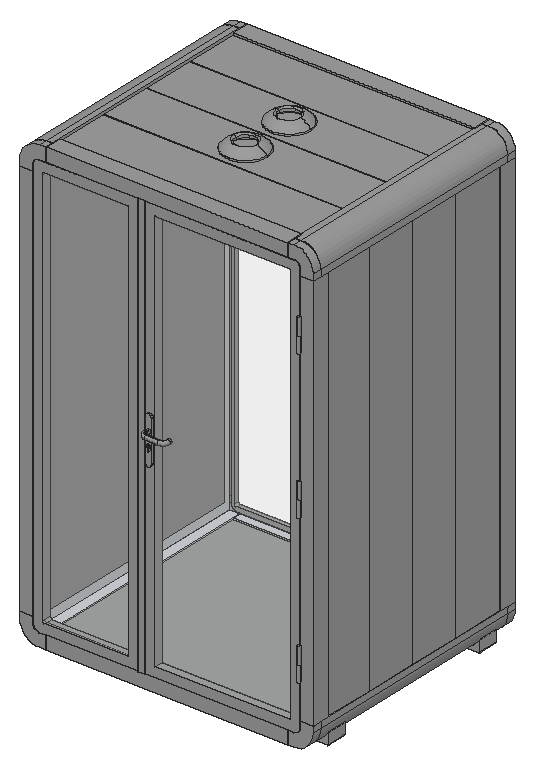
Revit family "Inbox Booths_Medium Booth", category Furniture, Revit 2024 (continued)
Forms (mm)
  Extrusion 139, solid, material "Default" <- "BB_Exterior Shell", not visible
    sketch origin (0, 210, 0) x (1, 0, 0) y (0, 0, 1)
      loop
        arc (-316.493, 10) -> (-369.601, 25.268) -> (-406.493, 66.411) r 100
        line (-406.493, 66.411) -> (-406.493, 4)
    from 0 to 100
  Extrusion 140, solid, material "Default" <- "BB_Exterior Shell", not visible
    sketch origin (0, 1076, 0) x (1, 0, 0) y (0, 0, -1)
      loop
        line (-406.493, -4) -> (-406.493, -66.411)
        arc (-406.493, -66.411) -> (-369.601, -25.268) -> (-316.493, -10) r 100
        line (-316.493, -10) -> (-276.261, -10) -> (-276.261, -4)
        arc (-276.261, -4) -> (-277.432, -1.172) -> (-280.261, 0) r 4
        line (-280.261, 0) -> (-402.493, 0)
        arc (-402.493, 0) -> (-405.321, -1.172) -> (-406.493, -4) r 4
    from 0 to 100
  Extrusion 141, solid, material "Default" <- "BB_Exterior Shell", not visible
    sketch origin (667.015, 210, 0) x (-1, 0, 0) y (0, 0, -1)
      loop
        line (-406.493, -4) -> (-406.493, -66.411)
        arc (-406.493, -66.411) -> (-369.601, -25.268) -> (-316.493, -10) r 100
        line (-316.493, -10) -> (-276.261, -10) -> (-276.261, -4)
        arc (-276.261, -4) -> (-277.432, -1.172) -> (-280.261, 0) r 4
        line (-280.261, 0) -> (-402.493, 0)
        arc (-402.493, 0) -> (-405.321, -1.172) -> (-406.493, -4) r 4
    from 0 to 100
  Extrusion 142, solid, material "Default" <- "BB_Exterior Shell", not visible
    sketch origin (667.015, 1076, 0) x (-1, 0, 0) y (0, 0, 1)
      loop
        arc (-406.493, 4) -> (-405.321, 1.172) -> (-402.493, 0) r 4
        line (-402.493, 0) -> (-280.261, 0)
        arc (-280.261, 0) -> (-277.432, 1.172) -> (-276.261, 4) r 4
        line (-276.261, 4) -> (-276.261, 10) -> (-316.493, 10)
        arc (-316.493, 10) -> (-369.601, 25.268) -> (-406.493, 66.411) r 100
        line (-406.493, 66.411) -> (-406.493, 4)
    from 0 to 100
  Sweep 143, solid, material "Default" <- "BB_Exterior Shell", not visible
    path origin (0, 1286, 2300) x (1, 0, 0) y (0, 1, 0)
      loop
        circle (333.507, -781.25) r 40
    profile origin (333.507, 464.75, 2300) x (0, -1, 0) y (0, 0, 1)
      loop
        line (12.021, 33.075) -> (12.021, 23.075) -> (23.977, 23.075)
        arc (23.977, 23.075) -> (35.682, 13.952) -> (40.742, 0) r 26.812
        line (40.742, 0) -> (69.964, 0)
        arc (69.964, 0) -> (69.811, 2.144) -> (68.91, 4.096) r 5.985
        arc (68.91, 4.096) -> (47.395, 26.052) -> (20, 40) r 95.122
        line (20, 40) -> (12.021, 33.075)
  Sweep 144, solid, material "Default" <- "BB_Exterior Shell", not visible
    path origin (0, 0, 2300) x (1, 0, 0) y (0, 1, 0)
      loop
        circle (333.507, 781.25) r 40
    profile origin (333.507, 821.25, 2300) x (0, -1, 0) y (0, 0, 1)
      loop
        line (-12.021, 33.075) -> (-20, 40)
        arc (-20, 40) -> (-47.395, 26.052) -> (-68.91, 4.096) r 95.122
        arc (-68.91, 4.096) -> (-69.811, 2.144) -> (-69.964, 0) r 5.985
        line (-69.964, 0) -> (-40.742, 0)
        arc (-40.742, 0) -> (-35.682, 13.952) -> (-23.977, 23.075) r 26.812
        line (-23.977, 23.075) -> (-12.021, 23.075) -> (-12.021, 33.075)
  Extrusion 145, solid, material "Default" <- "BB_Glass Edge (non-editable finish)", not visible
    sketch origin (252, -709.952, 0) x (1, 0, 0) y (0, 0, 1)
      loop
        line (-29.493, 2243) -> (-29.493, 77) -> (732.507, 77)
        arc (732.507, 77) -> (755.135, 86.373) -> (764.507, 109) r 32
        line (764.507, 109) -> (764.507, 2211)
        arc (764.507, 2211) -> (755.135, 2233.627) -> (732.507, 2243) r 32
        line (732.507, 2243) -> (-29.493, 2243)
      loop
        line (714.507, 2193) -> (20.507, 2193) -> (20.507, 127) -> (714.507, 127) -> (714.507, 2193)
    from -754.952 to -709.952
  Extrusion 146, solid, material "Glass" <- "BB_Glass", not visible
    sketch origin (-454.358, -1616.475, -375.577) x (1, 0, 0) y (0, 0, 1)
      loop
        line (726.866, 2568.577) -> (726.866, 502.577) -> (1420.866, 502.577) -> (1420.866, 2568.577) -> (726.866, 2568.577)
    from -1661.475 to -1616.475
  Extrusion 147, solid, material "Default" <- "BB_Hardware (non-editable finish)", not visible
    sketch origin (313.25, 0, 0) x (1, 0, 0) y (0, 0, 1)
      loop
        arc (-80.493, 1055) -> (-65.493, 1040) -> (-50.493, 1055) r 15
        line (-50.493, 1055) -> (-50.493, 1265)
        arc (-50.493, 1265) -> (-65.493, 1280) -> (-80.493, 1265) r 15
        line (-80.493, 1265) -> (-80.493, 1055)
    from 0 to 9
  Extrusion 148, solid, material "Default" <- "BB_Hardware (non-editable finish)", not visible
    sketch origin (313.25, 0, 0) x (1, 0, 0) y (0, 0, 1)
      loop
        arc (-60.993, 1126.252) -> (-65.493, 1141.963) -> (-69.993, 1126.252) r 8.5
        line (-69.993, 1126.252) -> (-69.993, 1113.463)
        arc (-69.993, 1113.463) -> (-65.493, 1108.963) -> (-60.993, 1113.463) r 4.5
        line (-60.993, 1113.463) -> (-60.993, 1126.252)
      loop
        circle (-65.493, 1133.463) r 6.846
    from 9 to 9.871
  Extrusion 149, solid, material "Default" <- "BB_Hardware (non-editable finish)", not visible
    sketch origin (313.25, 0, 0) x (1, 0, 0) y (0, 0, 1)
      loop
        line (-58.72, 1132.462) -> (-65.493, 1132.462) -> (-65.493, 1134.409) -> (-58.713, 1134.409)
        arc (-58.713, 1134.409) -> (-72.338, 1133.49) -> (-58.72, 1132.462) r 6.846
    from 9 to 9.607
  Sweep 150, solid, material "Default" <- "BB_Hardware (non-editable finish)", not visible
    path origin (304, 0, 1191.013) x (1, 0, 0) y (0, 1, 0)
      loop
        line (-65.493, -9.009) -> (-65.493, -29)
        arc (-65.493, -29) -> (-55.534, -53.042) -> (-31.493, -63) r 34
        line (-31.493, -63) -> (35.007, -63)
        arc (35.007, -63) -> (59.372, -53.221) -> (69.507, -29.004) r 34
        line (69.507, -29.004) -> (69.507, -19)
    profile origin (238.507, -19.005, 1191.013) x (1, 0, 0) y (0, 0, 1)
      loop
        arc (14.657, 18.263) -> (14.416, 18.644) -> (14.007, 18.834) r 0.8
        arc (14.007, 18.834) -> (11.685, 19.007) -> (9.363, 18.833) r 15.626
        arc (9.363, 18.833) -> (0, 9.47) -> (9.363, 0.107) r 9.363
        arc (9.363, 0.107) -> (11.662, -0.019) -> (13.962, 0.101) r 21.574
        arc (13.962, 0.101) -> (14.393, 0.284) -> (14.647, 0.677) r 0.8
        arc (14.647, 0.677) -> (15.884, 9.469) -> (14.657, 18.263) r 31.996
  Extrusion 151, solid, material "Default" <- "BB_Hardware (non-editable finish)", not visible
    sketch origin (-2388.075, 0, 26.184) x (1, 0, 0) y (0, 1, 0)
      loop
        circle (3404.582, -7.96) r 8
    from 299.201 to 380.816
  Extrusion 152, solid, material "Default" <- "BB_Hardware (non-editable finish)", not visible
    sketch origin (-2388.075, 0, 107.816) x (0, -1, 0) y (1, 0, 0)
      loop
        circle (7.96, 3404.582) r 8
    from 299.201 to 380.816
  Extrusion 153, solid, material "Default" <- "BB_Hardware (non-editable finish)", not visible
    sketch origin (-2388.075, 0, 779.184) x (1, 0, 0) y (0, 1, 0)
      loop
        circle (3404.582, -7.96) r 8
    from 299.201 to 380.816
  Extrusion 154, solid, material "Default" <- "BB_Hardware (non-editable finish)", not visible
    sketch origin (-2388.075, 0, 860.816) x (0, -1, 0) y (1, 0, 0)
      loop
        circle (7.96, 3404.582) r 8
    from 299.201 to 380.816
  Extrusion 155, solid, material "Default" <- "BB_Hardware (non-editable finish)", not visible
    sketch origin (-2388.075, 0, 1532.184) x (1, 0, 0) y (0, 1, 0)
      loop
        circle (3404.582, -7.96) r 8
    from 299.201 to 380.816
  Extrusion 156, solid, material "Default" <- "BB_Hardware (non-editable finish)", not visible
    sketch origin (-2388.075, 0, 1613.816) x (0, -1, 0) y (1, 0, 0)
      loop
        circle (7.96, 3404.582) r 8
    from 299.201 to 380.816
  Extrusion 157, solid, material "Default" <- "BB_Exterior Shell", not visible
    sketch origin (0, 0, 0) x (1, 0, 0) y (0, 0, 1)
      loop
        line (-286.493, 2243) -> (953.507, 2243) -> (953.507, 2310) -> (-286.493, 2310) -> (-286.493, 2243)
    from -90 to 0
  Extrusion 158, solid, material "Default" <- "BB_Exterior Shell", not visible
    sketch origin (0, 986, 0) x (1, 0, 0) y (0, 0, -1)
      loop
        line (-286.493, -2243) -> (-286.493, -2310) -> (953.507, -2310) -> (953.507, -2243) -> (-286.493, -2243)
    from 300 to 210
  Extrusion 159, solid, material "Default" <- "BB_Exterior Shell", not visible
    sketch origin (0, 0, 2320) x (1, 0, 0) y (0, 0, 1)
      loop
        line (-286.493, -2243) -> (-286.493, -2310) -> (953.507, -2310) -> (953.507, -2243) -> (-286.493, -2243)
    from -90 to 0
  Extrusion 160, solid, material "Default" <- "BB_Exterior Shell", not visible
    sketch origin (108.507, 0, 0) x (0, 1, 0) y (0, 0, 1)
      loop
        line (1286, 140) -> (1286, 2180) -> (1196, 2180) -> (1196, 140) -> (1286, 140)
      loop
        line (0, 2180) -> (0, 140) -> (90, 140) -> (90, 2180) -> (0, 2180)
    from -458 to -525
  Extrusion 161, solid, not visible
    sketch origin (98.507, -46.5, 0) x (0, 1, 0) y (0, 0, 1)
      loop
        line (91.5, 2233) -> (91.5, 87) -> (1287.5, 87) -> (1287.5, 2233) -> (91.5, 2233)
    from -448 to -438
  Extrusion 162, solid, not visible
    sketch origin (0, 0, 0) x (1, 0, 0) y (0, 0, 1)
      loop
        line (-349.493, 77) -> (-286.493, 77) -> (-286.493, 87) -> (-349.493, 87) -> (-349.493, 77)
      loop
        line (953.507, 77) -> (1016.507, 77) -> (1016.507, 87) -> (953.507, 87) -> (953.507, 77)
      loop
        line (-349.493, 2243) -> (-349.493, 2233) -> (-286.493, 2233) -> (-286.493, 2243) -> (-349.493, 2243)
      loop
        line (1016.507, 2243) -> (953.507, 2243) -> (953.507, 2233) -> (1016.507, 2233) -> (1016.507, 2243)
    from -1241 to -45
  Extrusion 163, solid, not visible
    sketch origin (0, 0, 0) x (1, 0, 0) y (0, 1, 0)
      loop
        line (953.507, 1196) -> (953.507, 1241) -> (-286.493, 1241) -> (-286.493, 1196) -> (953.507, 1196)
      loop
        line (-286.493, 45) -> (953.507, 45) -> (953.507, 90) -> (-286.493, 90) -> (-286.493, 45)
    from 87 to 77
  Extrusion 164, solid, not visible
    sketch origin (0, 0, 2156) x (1, 0, 0) y (0, 1, 0)
      loop
        line (953.507, 1196) -> (953.507, 1261) -> (-286.493, 1261) -> (-286.493, 1196) -> (953.507, 1196)
      loop
        line (-286.493, 45) -> (953.507, 45) -> (953.507, 108) -> (-286.493, 108) -> (-286.493, 45)
    from 87 to 77
  Extrusion 165, solid, material "Default" <- "BB_Exterior Shell", not visible
    sketch origin (0, 896, 2320) x (1, 0, 0) y (0, 0, -1)
      loop
        line (-286.493, 2243) -> (953.507, 2243) -> (953.507, 2310) -> (-286.493, 2310) -> (-286.493, 2243)
    from 390 to 300
  Extrusion 166, solid, material "Default" <- "BB_Exterior Shell", not visible
    sketch origin (0, 90, 2320) x (1, 0, 0) y (0, 0, 1)
      loop
        line (-286.493, -2243) -> (-286.493, -2310) -> (953.507, -2310) -> (953.507, -2243) -> (-286.493, -2243)
    from -276.5 to 0
  Extrusion 167, solid, material "Default" <- "BB_Floor Carpet", not visible
    sketch origin (0, 0, 0) x (1, 0, 0) y (0, 1, 0)
      loop
        line (953.507, 1196) -> (-286.493, 1196) -> (-286.493, 90) -> (953.507, 90) -> (953.507, 1196)
    from 77 to 82.752
  Extrusion 168, solid, material "Default" <- "BB_Pet Panel", not visible
    sketch origin (0, 0, 2160.248) x (0, -1, 0) y (1, 0, 0)
      loop
        line (-1196, 953.507) -> (-1196, -286.493) -> (-108, -286.493) -> (-108, 953.507) -> (-1196, 953.507)
    from 77 to 82.752
  Extrusion 169, solid, material "Default" <- "BB_Exterior Shell", not visible
    sketch origin (0, 343.5, 4543) x (1, 0, 0) y (0, 0, -1)
      loop
        line (-286.493, 2243) -> (953.507, 2243) -> (953.507, 2300) -> (-286.493, 2300) -> (-286.493, 2243)
    from -253.5 to 23
  Extrusion 170, solid, material "Default" <- "BB_Glass Edge (non-editable finish)", not visible
    sketch origin (0, -1616.475, 0) x (1, 0, 0) y (0, 0, 1)
      loop
        arc (-317.493, 2243) -> (-340.12, 2233.627) -> (-349.493, 2211) r 32
        line (-349.493, 2211) -> (-349.493, 109)
        arc (-349.493, 109) -> (-340.12, 86.373) -> (-317.493, 77) r 32
        line (-317.493, 77) -> (188.507, 77) -> (188.507, 2243) -> (-317.493, 2243)
      loop
        line (138.507, 127) -> (138.507, 2193) -> (-286.493, 2193)
        arc (-286.493, 2193) -> (-296.023, 2189.531) -> (-299.493, 2180) r 12
        line (-299.493, 2180) -> (-299.493, 139)
        arc (-299.493, 139) -> (-295.978, 130.515) -> (-287.493, 127) r 12
        line (-287.493, 127) -> (138.507, 127)
    from -1661.475 to -1616.475
  Extrusion 171, solid, material "Default" <- "BB_Exterior Shell", not visible
    sketch origin (-375, 90, 2320) x (1, 0, 0) y (0, 0, 1)
      loop
        arc (-41.493, -2210) -> (-12.203, -2280.711) -> (58.507, -2310) r 100
        line (58.507, -2310) -> (88.507, -2310) -> (88.507, -2243) -> (57.507, -2243)
        arc (57.507, -2243) -> (34.88, -2233.627) -> (25.507, -2211) r 32
        line (25.507, -2211) -> (25.507, -2180) -> (-41.493, -2180) -> (-41.493, -2210)
    from 45 to 90
  Extrusion 172, solid, material "Default" <- "BB_Exterior Shell", not visible
    sketch origin (-375, 1631, 2320) x (1, 0, 0) y (0, 0, 1)
      loop
        arc (-41.493, -2210) -> (-12.203, -2280.711) -> (58.507, -2310) r 100
        line (58.507, -2310) -> (88.507, -2310) -> (88.507, -2243) -> (57.507, -2243)
        arc (57.507, -2243) -> (34.88, -2233.627) -> (25.507, -2211) r 32
        line (25.507, -2211) -> (25.507, -2180) -> (-41.493, -2180) -> (-41.493, -2210)
    from 345 to 390
  Extrusion 173, solid, material "Default" <- "BB_Exterior Shell", not visible
    sketch origin (-375, 1631, 0) x (1, 0, 0) y (0, 0, 1)
      loop
        line (-41.493, 2210) -> (-41.493, 2180) -> (25.507, 2180) -> (25.507, 2211)
        arc (25.507, 2211) -> (34.88, 2233.627) -> (57.507, 2243) r 32
        line (57.507, 2243) -> (88.507, 2243) -> (88.507, 2310) -> (58.507, 2310)
        arc (58.507, 2310) -> (-12.203, 2280.711) -> (-41.493, 2210) r 100
    from 345 to 390
  Extrusion 174, solid, material "Default" <- "BB_Exterior Shell", not visible
    sketch origin (-375, 1451, 2320) x (1, 0, 0) y (0, 0, -1)
      loop
        line (-41.493, 2210) -> (-41.493, 2180) -> (25.507, 2180) -> (25.507, 2211)
        arc (25.507, 2211) -> (34.88, 2233.627) -> (57.507, 2243) r 32
        line (57.507, 2243) -> (88.507, 2243) -> (88.507, 2310) -> (58.507, 2310)
        arc (58.507, 2310) -> (-12.203, 2280.711) -> (-41.493, 2210) r 100
    from -1406 to -210
  Extrusion 175, solid, material "Default" <- "BB_Exterior Shell", not visible
    sketch origin (-501.493, 1281, 0) x (0, -1, 0) y (0, 0, -1)
      loop
        line (85, -2180) -> (361.5, -2180) -> (361.5, -140) -> (85, -140) -> (85, -2180)
    from 92 to 152
  Extrusion 176, solid, material "Default" <- "BB_Exterior Shell", not visible
    sketch origin (0, 793, 2320) x (1, 0, 0) y (0, 0, -1)
      loop
        line (-286.493, 2243) -> (953.507, 2243) -> (953.507, 2310) -> (-286.493, 2310) -> (-286.493, 2243)
    from -426.5 to -150
  Extrusion 177, solid, material "Default" <- "BB_Exterior Shell", not visible
    sketch origin (558.507, 0, 0) x (0, 1, 0) y (0, 0, -1)
      loop
        line (1286, -140) -> (1196, -140) -> (1196, -2180) -> (1286, -2180) -> (1286, -140)
      loop
        line (0, -2180) -> (90, -2180) -> (90, -140) -> (0, -140) -> (0, -2180)
    from -458 to -525
  Extrusion 178, solid, material "Default" <- "BB_Exterior Shell", not visible
    sketch origin (1042.015, 90, 2320) x (-1, 0, 0) y (0, 0, -1)
      loop
        line (-41.493, 2210) -> (-41.493, 2180) -> (25.507, 2180) -> (25.507, 2211)
        arc (25.507, 2211) -> (34.88, 2233.627) -> (57.507, 2243) r 32
        line (57.507, 2243) -> (88.507, 2243) -> (88.507, 2310) -> (58.507, 2310)
        arc (58.507, 2310) -> (-12.203, 2280.711) -> (-41.493, 2210) r 100
    from 45 to 90
  Extrusion 179, solid, material "Default" <- "BB_Exterior Shell", not visible
    sketch origin (1042.015, 1631, 2320) x (-1, 0, 0) y (0, 0, -1)
      loop
        line (-41.493, 2210) -> (-41.493, 2180) -> (25.507, 2180) -> (25.507, 2211)
        arc (25.507, 2211) -> (34.88, 2233.627) -> (57.507, 2243) r 32
        line (57.507, 2243) -> (88.507, 2243) -> (88.507, 2310) -> (58.507, 2310)
        arc (58.507, 2310) -> (-12.203, 2280.711) -> (-41.493, 2210) r 100
    from 345 to 390
  Extrusion 180, solid, material "Default" <- "BB_Exterior Shell", not visible
    sketch origin (1042.015, 1631, 0) x (-1, 0, 0) y (0, 0, -1)
      loop
        arc (-41.493, -2210) -> (-12.203, -2280.711) -> (58.507, -2310) r 100
        line (58.507, -2310) -> (88.507, -2310) -> (88.507, -2243) -> (57.507, -2243)
        arc (57.507, -2243) -> (34.88, -2233.627) -> (25.507, -2211) r 32
        line (25.507, -2211) -> (25.507, -2180) -> (-41.493, -2180) -> (-41.493, -2210)
    from 345 to 390
  Extrusion 181, solid, material "Default" <- "BB_Exterior Shell", not visible
    sketch origin (1042.015, 1451, 0) x (-1, 0, 0) y (0, 0, 1)
      loop
        line (-41.493, 2210) -> (-41.493, 2180) -> (25.507, 2180) -> (25.507, 2211)
        arc (25.507, 2211) -> (34.88, 2233.627) -> (57.507, 2243) r 32
        line (57.507, 2243) -> (88.507, 2243) -> (88.507, 2310) -> (58.507, 2310)
        arc (58.507, 2310) -> (-12.203, 2280.711) -> (-41.493, 2210) r 100
    from -1406 to -210
  Extrusion 182, solid, material "Default" <- "BB_Exterior Shell", not visible
    sketch origin (1042.015, 1451, 2320) x (-1, 0, 0) y (0, 0, 1)
      loop
        arc (-41.493, -2210) -> (-12.203, -2280.711) -> (58.507, -2310) r 100
        line (58.507, -2310) -> (88.507, -2310) -> (88.507, -2243) -> (57.507, -2243)
        arc (57.507, -2243) -> (34.88, -2233.627) -> (25.507, -2211) r 32
        line (25.507, -2211) -> (25.507, -2180) -> (-41.493, -2180) -> (-41.493, -2210)
    from -1406 to -210
  Extrusion 183, solid, not visible
    sketch origin (568.507, -46.5, 0) x (0, 1, 0) y (0, 0, -1)
      loop
        line (91.5, -2233) -> (1287.5, -2233) -> (1287.5, -87) -> (91.5, -87) -> (91.5, -2233)
    from -448 to -438
  Extrusion 184, solid, material "Default" <- "BB_Exterior Shell", not visible
    sketch origin (-375, 1451, 0) x (1, 0, 0) y (0, 0, -1)
      loop
        arc (-41.493, -2210) -> (-12.203, -2280.711) -> (58.507, -2310) r 100
        line (58.507, -2310) -> (88.507, -2310) -> (88.507, -2243) -> (57.507, -2243)
        arc (57.507, -2243) -> (34.88, -2233.627) -> (25.507, -2211) r 32
        line (25.507, -2211) -> (25.507, -2180) -> (-41.493, -2180) -> (-41.493, -2210)
    from -1406 to -210
  Extrusion 185, solid, material "Default" <- "BB_Exterior Shell", not visible
    sketch origin (-375, -345, 0) x (1, 0, 0) y (0, 0, -1)
      loop
        arc (-41.493, -2210) -> (-12.203, -2280.711) -> (58.507, -2310) r 100
        line (58.507, -2310) -> (88.507, -2310) -> (88.507, -2243) -> (57.507, -2243)
        arc (57.507, -2243) -> (34.88, -2233.627) -> (25.507, -2211) r 32
        line (25.507, -2211) -> (25.507, -2180) -> (-41.493, -2180) -> (-41.493, -2210)
    from 345 to 390
  Extrusion 186, solid, material "Default" <- "BB_Exterior Shell", not visible
    sketch origin (1042.015, -345, 0) x (-1, 0, 0) y (0, 0, 1)
      loop
        line (-41.493, 2210) -> (-41.493, 2180) -> (25.507, 2180) -> (25.507, 2211)
        arc (25.507, 2211) -> (34.88, 2233.627) -> (57.507, 2243) r 32
        line (57.507, 2243) -> (88.507, 2243) -> (88.507, 2310) -> (58.507, 2310)
        arc (58.507, 2310) -> (-12.203, 2280.711) -> (-41.493, 2210) r 100
    from 345 to 390
  Extrusion 187, solid, material "Default" <- "BB_Exterior Shell", not visible
    sketch origin (-501.493, 558, 0) x (0, 1, 0) y (0, 0, 1)
      loop
        line (85, 2180) -> (85, 140) -> (361.5, 140) -> (361.5, 2180) -> (85, 2180)
    from 92 to 152
  Extrusion 188, solid, material "Default" <- "BB_Exterior Shell", not visible
    sketch origin (-501.493, 728, 0) x (0, -1, 0) y (0, 0, -1)
      loop
        line (85, -2180) -> (361.5, -2180) -> (361.5, -140) -> (85, -140) -> (85, -2180)
    from 92 to 152
  Extrusion 189, solid, material "Default" <- "BB_Exterior Shell", not visible
    sketch origin (-501.493, 5, 0) x (0, 1, 0) y (0, 0, 1)
      loop
        line (85, 2180) -> (85, 140) -> (361.5, 140) -> (361.5, 2180) -> (85, 2180)
    from 92 to 152
  Extrusion 190, solid, material "Default" <- "BB_Exterior Shell", not visible
    sketch origin (0, 389.5, 4543) x (1, 0, 0) y (0, 0, 1)
      loop
        line (-286.493, -2243) -> (-286.493, -2300) -> (953.507, -2300) -> (953.507, -2243) -> (-286.493, -2243)
    from -253.5 to 23
  Extrusion 191, solid, material "Default" <- "BB_Exterior Shell", not visible
    sketch origin (0, 896.5, 4543) x (1, 0, 0) y (0, 0, -1)
      loop
        line (-286.493, 2243) -> (953.507, 2243) -> (953.507, 2300) -> (-286.493, 2300) -> (-286.493, 2243)
    from -253.5 to 23
  Extrusion 192, solid, material "Default" <- "BB_Exterior Shell", not visible
    sketch origin (0, 942.5, 4543) x (1, 0, 0) y (0, 0, 1)
      loop
        line (-286.493, -2243) -> (-286.493, -2300) -> (953.507, -2300) -> (953.507, -2243) -> (-286.493, -2243)
    from -253.5 to 23
  Extrusion 193, solid, material "Default" <- "BB_Exterior Shell", not visible
    sketch origin (1168.507, 1281, 0) x (0, -1, 0) y (0, 0, 1)
      loop
        line (85, 2180) -> (85, 140) -> (361.5, 140) -> (361.5, 2180) -> (85, 2180)
    from 92 to 152
  Extrusion 194, solid, material "Default" <- "BB_Exterior Shell", not visible
    sketch origin (1168.507, 558, 0) x (0, 1, 0) y (0, 0, -1)
      loop
        line (85, -2180) -> (361.5, -2180) -> (361.5, -140) -> (85, -140) -> (85, -2180)
    from 92 to 152
  Extrusion 195, solid, material "Default" <- "BB_Exterior Shell", not visible
    sketch origin (1168.507, 728, 0) x (0, -1, 0) y (0, 0, 1)
      loop
        line (85, 2180) -> (85, 140) -> (361.5, 140) -> (361.5, 2180) -> (85, 2180)
    from 92 to 152
  Extrusion 196, solid, material "Default" <- "BB_Exterior Shell", not visible
    sketch origin (1168.507, 5, 0) x (0, 1, 0) y (0, 0, -1)
      loop
        line (85, -2180) -> (361.5, -2180) -> (361.5, -140) -> (85, -140) -> (85, -2180)
    from 92 to 152
  Extrusion 197, solid, material "Glass" <- "BB_Glass", not visible
    sketch origin (0, 0, 0) x (1, 0, 0) y (0, 0, 1)
      loop
        line (138.507, 127) -> (138.507, 2193) -> (-286.493, 2193)
        arc (-286.493, 2193) -> (-296.023, 2189.531) -> (-299.493, 2180) r 12
        line (-299.493, 2180) -> (-299.493, 139)
        arc (-299.493, 139) -> (-295.978, 130.515) -> (-287.493, 127) r 12
        line (-287.493, 127) -> (138.507, 127)
    from -11 to 0
  Extrusion 198, solid, material "Default" <- "BB_Exterior Shell", not visible
    sketch origin (0, 493, 2320) x (1, 0, 0) y (0, 0, 1)
      loop
        line (-286.493, -2243) -> (-286.493, -2310) -> (953.507, -2310) -> (953.507, -2243) -> (-286.493, -2243)
    from -426.5 to -150
  Extrusion 199, solid, material "Default" <- "BB_Exterior Shell", not visible
    sketch origin (0, 1346, 2320) x (1, 0, 0) y (0, 0, -1)
      loop
        line (-286.493, 2243) -> (953.507, 2243) -> (953.507, 2310) -> (-286.493, 2310) -> (-286.493, 2243)
    from -426.5 to -150
  Extrusion 200, solid, material "Default" <- "BB_Exterior Shell", not visible
    sketch origin (528.507, 0, 0) x (0, 1, 0) y (0, 0, 1)
      loop
        line (0, 2243) -> (0, 77) -> (45, 77) -> (45, 2243) -> (0, 2243)
    from -306 to -340
  Extrusion 201, solid, material "Default" <- "BB_Glass Edge (non-editable finish)", not visible
    sketch origin (0, -341.475, 0) x (1, 0, 0) y (0, 0, 1)
      loop
        arc (-317.493, 2243) -> (-340.12, 2233.627) -> (-349.493, 2211) r 32
        line (-349.493, 2211) -> (-349.493, 109)
        arc (-349.493, 109) -> (-340.12, 86.373) -> (-317.493, 77) r 32
        line (-317.493, 77) -> (984.507, 77)
        arc (984.507, 77) -> (1007.135, 86.373) -> (1016.507, 109) r 32
        line (1016.507, 109) -> (1016.507, 2211)
        arc (1016.507, 2211) -> (1007.135, 2233.627) -> (984.507, 2243) r 32
        line (984.507, 2243) -> (-317.493, 2243)
      loop
        arc (996.507, 2211) -> (992.993, 2219.485) -> (984.507, 2223) r 12
        line (984.507, 2223) -> (-317.493, 2223)
        arc (-317.493, 2223) -> (-325.978, 2219.485) -> (-329.493, 2211) r 12
        line (-329.493, 2211) -> (-329.493, 109)
        arc (-329.493, 109) -> (-325.978, 100.515) -> (-317.493, 97) r 12
        line (-317.493, 97) -> (984.507, 97)
        arc (984.507, 97) -> (992.993, 100.515) -> (996.507, 109) r 12
        line (996.507, 109) -> (996.507, 2211)
    from -1627.475 to -1602.475
  Extrusion 202, solid, material "Glass" <- "BB_Glass", not visible
    sketch origin (0, 1275, 0) x (1, 0, 0) y (0, 0, 1)
      loop
        line (984.507, 2223) -> (333.507, 2223) -> (333.507, 97) -> (984.507, 97)
        arc (984.507, 97) -> (992.993, 100.515) -> (996.507, 109) r 12
        line (996.507, 109) -> (996.507, 2211)
        arc (996.507, 2211) -> (992.993, 2219.485) -> (984.507, 2223) r 12
    from -11 to 14
  Extrusion 203, solid, material "Glass" <- "BB_Glass", not visible
    sketch origin (667.015, 1275, 0) x (-1, 0, 0) y (0, 0, -1)
      loop
        arc (984.507, -2223) -> (992.993, -2219.485) -> (996.507, -2211) r 12
        line (996.507, -2211) -> (996.507, -109)
        arc (996.507, -109) -> (992.993, -100.515) -> (984.507, -97) r 12
        line (984.507, -97) -> (333.507, -97) -> (333.507, -2223) -> (984.507, -2223)
    from -11 to 14
  Extrusion 204, solid, material "Default" <- "BB_Pet Panel", not visible
    sketch origin (806.507, 1033.5, 51.289) x (0, -1, 0) y (0, 0, 1)
      loop
        line (-162.5, 2128.711) -> (-162.5, 88.711) -> (943.5, 88.711) -> (943.5, 2128.711) -> (-162.5, 2128.711)
    from -200 to -190
  Extrusion 205, solid, material "Default" <- "BB_Pet Panel", not visible
    sketch origin (-139.493, 1033.5, 51.289) x (0, -1, 0) y (0, 0, -1)
      loop
        line (-162.5, -2128.711) -> (943.5, -2128.711) -> (943.5, -88.711) -> (-162.5, -88.711) -> (-162.5, -2128.711)
    from -200 to -190
  Extrusion 206, solid, material "Default" <- "BB_Exterior Shell", not visible
    sketch origin (0, 210, 0) x (1, 0, 0) y (0, 0, 1)
      loop
        arc (-406.493, 4) -> (-405.321, 1.172) -> (-402.493, 0) r 4
        line (-402.493, 0) -> (-280.261, 0)
        arc (-280.261, 0) -> (-277.432, 1.172) -> (-276.261, 4) r 4
        line (-276.261, 4) -> (-276.261, 10) -> (-316.493, 10)
        arc (-316.493, 10) -> (-369.601, 25.268) -> (-406.493, 66.411) r 100
        line (-406.493, 66.411) -> (-406.493, 4)
    from 0 to 100
  Extrusion 207, solid, material "Default" <- "BB_Exterior Shell", not visible
    sketch origin (0, 1076, 0) x (1, 0, 0) y (0, 0, -1)
      loop
        line (-406.493, -4) -> (-406.493, -66.411)
        arc (-406.493, -66.411) -> (-369.601, -25.268) -> (-316.493, -10) r 100
        line (-316.493, -10) -> (-276.261, -10) -> (-276.261, -4)
        arc (-276.261, -4) -> (-277.432, -1.172) -> (-280.261, 0) r 4
        line (-280.261, 0) -> (-402.493, 0)
        arc (-402.493, 0) -> (-405.321, -1.172) -> (-406.493, -4) r 4
    from 0 to 100
  Extrusion 208, solid, material "Default" <- "BB_Exterior Shell", not visible
    sketch origin (667.015, 210, 0) x (-1, 0, 0) y (0, 0, -1)
      loop
        line (-406.493, -4) -> (-406.493, -66.411)
        arc (-406.493, -66.411) -> (-369.601, -25.268) -> (-316.493, -10) r 100
        line (-316.493, -10) -> (-276.261, -10) -> (-276.261, -4)
        arc (-276.261, -4) -> (-277.432, -1.172) -> (-280.261, 0) r 4
        line (-280.261, 0) -> (-402.493, 0)
        arc (-402.493, 0) -> (-405.321, -1.172) -> (-406.493, -4) r 4
    from 0 to 100
  Extrusion 209, solid, material "Default" <- "BB_Exterior Shell", not visible
    sketch origin (667.015, 1076, 0) x (-1, 0, 0) y (0, 0, 1)
      loop
        arc (-406.493, 4) -> (-405.321, 1.172) -> (-402.493, 0) r 4
        line (-402.493, 0) -> (-280.261, 0)
        arc (-280.261, 0) -> (-277.432, 1.172) -> (-276.261, 4) r 4
        line (-276.261, 4) -> (-276.261, 10) -> (-316.493, 10)
        arc (-316.493, 10) -> (-369.601, 25.268) -> (-406.493, 66.411) r 100
        line (-406.493, 66.411) -> (-406.493, 4)
    from 0 to 100
  Sweep 210, solid, material "Default" <- "BB_Exterior Shell", not visible
    path origin (0, 1286, 2300) x (1, 0, 0) y (0, 1, 0)
      loop
        circle (333.507, -781.25) r 40
    profile origin (333.507, 464.75, 2300) x (0, -1, 0) y (0, 0, 1)
      loop
        line (12.021, 33.075) -> (12.021, 23.075) -> (23.977, 23.075)
        arc (23.977, 23.075) -> (35.682, 13.952) -> (40.742, 0) r 26.812
        line (40.742, 0) -> (69.964, 0)
        arc (69.964, 0) -> (69.811, 2.144) -> (68.91, 4.096) r 5.985
        arc (68.91, 4.096) -> (47.395, 26.052) -> (20, 40) r 95.122
        line (20, 40) -> (12.021, 33.075)
  Sweep 211, solid, material "Default" <- "BB_Exterior Shell", not visible
    path origin (0, 0, 2300) x (1, 0, 0) y (0, 1, 0)
      loop
        circle (333.507, 781.25) r 40
    profile origin (333.507, 821.25, 2300) x (0, -1, 0) y (0, 0, 1)
      loop
        line (-12.021, 33.075) -> (-20, 40)
        arc (-20, 40) -> (-47.395, 26.052) -> (-68.91, 4.096) r 95.122
        arc (-68.91, 4.096) -> (-69.811, 2.144) -> (-69.964, 0) r 5.985
        line (-69.964, 0) -> (-40.742, 0)
        arc (-40.742, 0) -> (-35.682, 13.952) -> (-23.977, 23.075) r 26.812
        line (-23.977, 23.075) -> (-12.021, 23.075) -> (-12.021, 33.075)
  Extrusion 212, solid, material "Default" <- "BB_Glass Edge (non-editable finish)", not visible
    sketch origin (252, -709.952, 0) x (1, 0, 0) y (0, 0, 1)
      loop
        line (-29.493, 2243) -> (-29.493, 77) -> (732.507, 77)
        arc (732.507, 77) -> (755.135, 86.373) -> (764.507, 109) r 32
        line (764.507, 109) -> (764.507, 2211)
        arc (764.507, 2211) -> (755.135, 2233.627) -> (732.507, 2243) r 32
        line (732.507, 2243) -> (-29.493, 2243)
      loop
        line (714.507, 2193) -> (20.507, 2193) -> (20.507, 127) -> (714.507, 127) -> (714.507, 2193)
    from -754.952 to -709.952
  Extrusion 213, solid, material "Glass" <- "BB_Glass", not visible
    sketch origin (-454.358, -1616.475, -375.577) x (1, 0, 0) y (0, 0, 1)
      loop
        line (726.866, 2568.577) -> (726.866, 502.577) -> (1420.866, 502.577) -> (1420.866, 2568.577) -> (726.866, 2568.577)
    from -1661.475 to -1616.475
  Extrusion 214, solid, material "Default" <- "BB_Hardware (non-editable finish)", not visible
    sketch origin (313.25, 0, 0) x (1, 0, 0) y (0, 0, 1)
      loop
        arc (-80.493, 1055) -> (-65.493, 1040) -> (-50.493, 1055) r 15
        line (-50.493, 1055) -> (-50.493, 1265)
        arc (-50.493, 1265) -> (-65.493, 1280) -> (-80.493, 1265) r 15
        line (-80.493, 1265) -> (-80.493, 1055)
    from 0 to 9
  Extrusion 215, solid, material "Default" <- "BB_Hardware (non-editable finish)", not visible
    sketch origin (313.25, 0, 0) x (1, 0, 0) y (0, 0, 1)
      loop
        arc (-60.993, 1126.252) -> (-65.493, 1141.963) -> (-69.993, 1126.252) r 8.5
        line (-69.993, 1126.252) -> (-69.993, 1113.463)
        arc (-69.993, 1113.463) -> (-65.493, 1108.963) -> (-60.993, 1113.463) r 4.5
        line (-60.993, 1113.463) -> (-60.993, 1126.252)
      loop
        circle (-65.493, 1133.463) r 6.846
    from 9 to 9.871
  Extrusion 216, solid, material "Default" <- "BB_Hardware (non-editable finish)", not visible
    sketch origin (313.25, 0, 0) x (1, 0, 0) y (0, 0, 1)
      loop
        line (-58.72, 1132.462) -> (-65.493, 1132.462) -> (-65.493, 1134.409) -> (-58.713, 1134.409)
        arc (-58.713, 1134.409) -> (-72.338, 1133.49) -> (-58.72, 1132.462) r 6.846
    from 9 to 9.607
  Sweep 217, solid, material "Default" <- "BB_Hardware (non-editable finish)", not visible
    path origin (304, 0, 1191.013) x (1, 0, 0) y (0, 1, 0)
      loop
        line (-65.493, -9.009) -> (-65.493, -29)
        arc (-65.493, -29) -> (-55.534, -53.042) -> (-31.493, -63) r 34
        line (-31.493, -63) -> (35.007, -63)
        arc (35.007, -63) -> (59.372, -53.221) -> (69.507, -29.004) r 34
        line (69.507, -29.004) -> (69.507, -19)
    profile origin (238.507, -19.005, 1191.013) x (1, 0, 0) y (0, 0, 1)
      loop
        arc (14.657, 18.263) -> (14.416, 18.644) -> (14.007, 18.834) r 0.8
        arc (14.007, 18.834) -> (11.685, 19.007) -> (9.363, 18.833) r 15.626
        arc (9.363, 18.833) -> (0, 9.47) -> (9.363, 0.107) r 9.363
        arc (9.363, 0.107) -> (11.662, -0.019) -> (13.962, 0.101) r 21.574
        arc (13.962, 0.101) -> (14.393, 0.284) -> (14.647, 0.677) r 0.8
        arc (14.647, 0.677) -> (15.884, 9.469) -> (14.657, 18.263) r 31.996
  Extrusion 218, solid, material "Default" <- "BB_Hardware (non-editable finish)", not visible
    sketch origin (-2388.075, 0, 26.184) x (1, 0, 0) y (0, 1, 0)
      loop
        circle (3404.582, -7.96) r 8
    from 299.201 to 380.816
  Extrusion 219, solid, material "Default" <- "BB_Hardware (non-editable finish)", not visible
    sketch origin (-2388.075, 0, 107.816) x (0, -1, 0) y (1, 0, 0)
      loop
        circle (7.96, 3404.582) r 8
    from 299.201 to 380.816
  Extrusion 220, solid, material "Default" <- "BB_Hardware (non-editable finish)", not visible
    sketch origin (-2388.075, 0, 779.184) x (1, 0, 0) y (0, 1, 0)
      loop
        circle (3404.582, -7.96) r 8
    from 299.201 to 380.816
  Extrusion 221, solid, material "Default" <- "BB_Hardware (non-editable finish)", not visible
    sketch origin (-2388.075, 0, 860.816) x (0, -1, 0) y (1, 0, 0)
      loop
        circle (7.96, 3404.582) r 8
    from 299.201 to 380.816
  Extrusion 222, solid, material "Default" <- "BB_Hardware (non-editable finish)", not visible
    sketch origin (-2388.075, 0, 1532.184) x (1, 0, 0) y (0, 1, 0)
      loop
        circle (3404.582, -7.96) r 8
    from 299.201 to 380.816
  Extrusion 223, solid, material "Default" <- "BB_Hardware (non-editable finish)", not visible
    sketch origin (-2388.075, 0, 1613.816) x (0, -1, 0) y (1, 0, 0)
      loop
        circle (7.96, 3404.582) r 8
    from 299.201 to 380.816
  Extrusion 224, solid, material "Default" <- "BB_Exterior Shell", not visible
    sketch origin (322.453, -134.4, -162.752) x (1, 0, 0) y (0, 1, 0)
      loop
        arc (-103.945, 902.4) -> (-111.016, 899.471) -> (-113.945, 892.4) r 10
        line (-113.945, 892.4) -> (-113.945, 662.4)
        arc (-113.945, 662.4) -> (-111.016, 655.329) -> (-103.945, 652.4) r 10
        line (-103.945, 652.4) -> (126.055, 652.4)
        arc (126.055, 652.4) -> (133.126, 655.329) -> (136.055, 662.4) r 10
        line (136.055, 662.4) -> (136.055, 892.4)
        arc (136.055, 892.4) -> (133.126, 899.471) -> (126.055, 902.4) r 10
        line (126.055, 902.4) -> (-103.945, 902.4)
      loop
        arc (-103.945, 897.4) -> (-107.481, 895.936) -> (-108.945, 892.4) r 5
        line (-108.945, 892.4) -> (-108.945, 662.4)
        arc (-108.945, 662.4) -> (-107.481, 658.864) -> (-103.945, 657.4) r 5
        line (-103.945, 657.4) -> (126.055, 657.4)
        arc (126.055, 657.4) -> (129.59, 658.864) -> (131.055, 662.4) r 5
        line (131.055, 662.4) -> (131.055, 892.4)
        arc (131.055, 892.4) -> (129.59, 895.936) -> (126.055, 897.4) r 5
        line (126.055, 897.4) -> (-103.945, 897.4)
    from 2350 to 2400
  Extrusion 225, solid, material "Default Light Source" <- "BB_Light Source", not visible
    sketch origin (322.453, -134.4, -162.752) x (1, 0, 0) y (0, 1, 0)
      loop
        arc (-103.945, 897.4) -> (-107.481, 895.936) -> (-108.945, 892.4) r 5
        line (-108.945, 892.4) -> (-108.945, 662.4)
        arc (-108.945, 662.4) -> (-107.481, 658.864) -> (-103.945, 657.4) r 5
        line (-103.945, 657.4) -> (126.055, 657.4)
        arc (126.055, 657.4) -> (129.59, 658.864) -> (131.055, 662.4) r 5
        line (131.055, 662.4) -> (131.055, 892.4)
        arc (131.055, 892.4) -> (129.59, 895.936) -> (126.055, 897.4) r 5
        line (126.055, 897.4) -> (-103.945, 897.4)
    from 2350 to 2352.507
Lines and regions (mm)
  model lines, style "Set-out Lines", visible <- "BB_Set Out Lines"
    curve 1: line (-456.493, 0, 0) -> (-456.493, 1326, 0)
    curve 2: line (1123.507, 1326, 0) -> (1123.507, 0, 0)
    curve 3: line (-456.493, 1326, 0) -> (1123.507, 1326, 0)
  model lines, style "Door Swing", visible <- "BB_Door Swing"
    curve 4: line (1016.507, 0, 0) -> (1016.507, -800, 0)
  model lines, style "Door Swing"
    curve 5: arc (1016.507, -800, 0) -> (450.822, -565.685, 0) -> (216.507, 0, 0) r 800
Text (mm)
  text "Disclaimer: Product specifications may be modified at any time without notice due to ongoing improvements and adjustments in our manufacturing processes. For the most current product information, please refer to the latest technical data sheets available on our website. A manufacturing tolerance of +/- 20mm applies to all dimensions and set-outs specified in our product literature.\n\nOur team regularly updates our BIM files. To guarantee access to the most recent files, please download them directly from our website or contact your sales representative." at (1354.495, 834.44, 0), in view "Ref. Level"
Dimensions and locks
  "DEPTH (DO NOT EDIT)": plane 1 "Front" to plane 3 "Center L/S"
  equal spacing: plane 1 "Front", plane 4 "Center L/U", plane 3 "Center L/S"
  plane 3 "Center L/S" to plane 1 "Front" = 1286 mm
  "HEIGHT (DO NOT EDIT)": plane 7 to plane 6
  equal spacing: plane 7, plane 8, plane 6, locked at 1150 each
  Extrusion 33 to Extrusion 32 to Extrusion 31 = 276.5 mm locked, 276.5 mm locked
  Extrusion 40 to Extrusion 39 to Extrusion 38 = 276.5 mm locked, 276.5 mm locked
  plane 5 to plane 9 = 1500 mm
  equal spacing: plane 5, plane 10, plane 9, locked at 750 each
  "WIDTH (DO NOT EDIT)": plane 5 to plane 9
  aligned and locked: level to plane 2
  aligned and locked: Extrusion 6 sketch curve to Extrusion 6 sketch curve  (x2)
  aligned and locked: Extrusion 8 to Extrusion 5
  aligned and locked: Extrusion 8 to Extrusion 2
  aligned and locked: Extrusion 1 to Extrusion 3
  aligned and locked: Extrusion 4 to Extrusion 1
  aligned and locked: Extrusion 11 to Extrusion 7  (x2)
  aligned and locked: Extrusion 7 to Extrusion 4
  aligned and locked: plane 1 "Front" to Extrusion 14
  aligned and locked: Extrusion 3 to Extrusion 15
  aligned and locked: Extrusion 18 to Extrusion 15
  aligned and locked: Extrusion 8 to Extrusion 1
  aligned and locked: Extrusion 1 to Extrusion 8
  aligned and locked: Extrusion 1 to Extrusion 10
  aligned and locked: Extrusion 20 to Extrusion 10
  aligned and locked: Extrusion 18 to Extrusion 20
  aligned and locked: Extrusion 10 to Extrusion 18
  aligned and locked: Extrusion 5 to Extrusion 6 sketch curve  (x2)
  aligned and locked: plane 5 to Extrusion 4
  aligned and locked: Extrusion 4 to Extrusion 2
  aligned and locked: Extrusion 2 to Extrusion 17  (x2)
  aligned and locked: Extrusion 4 to Extrusion 16
  aligned and locked: Extrusion 5 to Extrusion 4
  aligned and locked: Extrusion 15 to Extrusion 6  (x2)
  aligned and locked: Extrusion 22 to Extrusion 26
  aligned and locked: Extrusion 21 to Extrusion 23
  aligned and locked: Extrusion 21 to Extrusion 25
  aligned and locked: Extrusion 3 to Extrusion 6
  aligned and locked: Extrusion 6 to Extrusion 21
  aligned and locked: Extrusion 6 to Extrusion 9
  aligned and locked: Extrusion 21 to Extrusion 6
  aligned and locked: Extrusion 9 to Extrusion 4
  aligned and locked: Extrusion 9 to Extrusion 23
  aligned and locked: Extrusion 19 to Extrusion 4
  aligned and locked: Extrusion 7 to Extrusion 6  (x4)
  aligned and locked: Extrusion 11 to Extrusion 6  (x2)
  aligned and locked: Extrusion 8 to Extrusion 24
  aligned and locked: Extrusion 6 to Extrusion 24
  aligned and locked: Extrusion 6 to Extrusion 8
  aligned and locked: Extrusion 8 to Extrusion 17
  aligned and locked: Extrusion 8 to Extrusion 6  (x3)
  aligned and locked: Extrusion 13 to Extrusion 33  (x2)
  aligned and locked: Extrusion 33 to Extrusion 34
  aligned and locked: Extrusion 32 to Extrusion 35
  aligned and locked: Extrusion 31 to Extrusion 36
  aligned and locked: Extrusion 4 to Extrusion 36
  aligned and locked: Extrusion 17 to Extrusion 28
  aligned and locked: Extrusion 28 to Extrusion 29
  aligned and locked: Extrusion 14 sketch curve to Extrusion 6
  aligned and locked: Extrusion 14 sketch curve to Extrusion 29
  aligned and locked: Extrusion 14 sketch curve to Extrusion 15
  aligned and locked: Extrusion 14 to Extrusion 41
  aligned and locked: Extrusion 21 to Extrusion 10
  aligned and locked: Extrusion 40 to Extrusion 20
  aligned and locked: Extrusion 20 to Extrusion 39
  aligned and locked: Extrusion 38 to Extrusion 43
  aligned and locked: Extrusion 21 to Extrusion 43
  aligned and locked: Extrusion 41 sketch curve to Extrusion 14  (x5)
  aligned and locked: Extrusion 44 to Extrusion 14  (x2)
  aligned and locked: Extrusion 44 to Extrusion 3
  aligned and locked: Extrusion 44 to Extrusion 1
  aligned and locked: Extrusion 45 to Extrusion 46
  aligned and locked: Extrusion 45 sketch curve to Extrusion 24
  aligned and locked: Extrusion 45 sketch curve to Extrusion 23
  aligned and locked: Extrusion 46 sketch curve to Extrusion 45  (x2)
  aligned and locked: Extrusion 6 to Extrusion 5
  aligned and locked: Extrusion 14 to Extrusion 5
  aligned and locked: Extrusion 12 to Extrusion 8
  aligned and locked: Extrusion 18 to Extrusion 28
  aligned and locked: Extrusion 28 to Extrusion 16
  aligned and locked: Extrusion 52 sketch curve to Extrusion 52 sketch curve  (x2)
  aligned and locked: Extrusion 51 to Extrusion 52 sketch curve  (x2)
  aligned and locked: Extrusion 58 sketch curve to Extrusion 52
  aligned and locked: Extrusion 58 sketch curve to Extrusion 73
  aligned and locked: Extrusion 58 sketch curve to Extrusion 59
  aligned and locked: Extrusion 85 sketch curve to Extrusion 58  (x5)
  aligned and locked: Extrusion 89 sketch curve to Extrusion 68
  aligned and locked: Extrusion 89 sketch curve to Extrusion 67
  aligned and locked: Extrusion 90 sketch curve to Extrusion 89  (x2)
  aligned and locked: Extrusion 91 sketch curve to Extrusion 45
  aligned and locked: Extrusion 91 sketch curve to Extrusion 46
  aligned and locked: Extrusion 92 sketch curve to Extrusion 89
  aligned and locked: Extrusion 92 sketch curve to Extrusion 90
  aligned and locked: Extrusion 93 to Extrusion 21
  aligned and locked: Extrusion 21 to Extrusion 93
  aligned and locked: Extrusion 93 to Extrusion 27
  aligned and locked: Extrusion 45 to Extrusion 93
  aligned and locked: Extrusion 4 to Extrusion 94
  aligned and locked: Extrusion 94 to Extrusion 5
  aligned and locked: Extrusion 45 to Extrusion 94
  aligned and locked: Extrusion 35 to Sweep 100
  aligned and locked: Sweep 99 to Extrusion 34
  aligned and locked: Extrusion 103 sketch curve to Extrusion 102
  aligned and locked: Extrusion 115 sketch curve to Extrusion 114
  aligned and locked: Extrusion 127 sketch curve to Extrusion 126
  aligned and locked: Extrusion 123 to Extrusion 124  (x2)
  aligned and locked: Extrusion 136 sketch curve to Extrusion 135  (x4)
  aligned and locked: Extrusion 138 sketch curve to Extrusion 137  (x4)
  aligned and locked: Extrusion 149 sketch curve to Extrusion 148
  aligned and locked: Extrusion 162 sketch curve to Extrusion 162 sketch curve  (x2)
  aligned and locked: Extrusion 161 to Extrusion 162 sketch curve  (x2)
  aligned and locked: Extrusion 170 sketch curve to Extrusion 162
  aligned and locked: Extrusion 170 sketch curve to Extrusion 185
  aligned and locked: Extrusion 170 sketch curve to Extrusion 171
  aligned and locked: Extrusion 197 sketch curve to Extrusion 170  (x5)
  aligned and locked: Extrusion 201 sketch curve to Extrusion 180
  aligned and locked: Extrusion 201 sketch curve to Extrusion 179
  aligned and locked: Extrusion 202 sketch curve to Extrusion 201  (x2)
  aligned and locked: Extrusion 203 sketch curve to Extrusion 201
  aligned and locked: Extrusion 203 sketch curve to Extrusion 202
  aligned and locked: Extrusion 216 sketch curve to Extrusion 215
  aligned and locked: Extrusion 225 sketch curve to Extrusion 224  (x4)
Automatic sketch dimensions
  Extrusion 6 sketch curve to Extrusion 6 sketch curve = 63 mm  (x4)
  Extrusion 14 sketch curve to Extrusion 14 sketch curve = 50 mm
  Extrusion 15 sketch curve to Extrusion 15 sketch curve = 1 mm
  Extrusion 16 sketch curve to Extrusion 16 sketch curve = 1 mm
  Extrusion 17 sketch curve to Extrusion 17 sketch curve = 1 mm
  Extrusion 18 sketch curve to Extrusion 18 sketch curve = 1 mm
  Extrusion 22 sketch curve to Extrusion 22 sketch curve = 31 mm  (x2)
  Extrusion 22 sketch curve to Extrusion 22 sketch curve = 1 mm
  Extrusion 23 sketch curve to Extrusion 23 sketch curve = 31 mm  (x2)
  Extrusion 23 sketch curve to Extrusion 23 sketch curve = 1 mm
  Extrusion 24 sketch curve to Extrusion 24 sketch curve = 31 mm  (x2)
  Extrusion 24 sketch curve to Extrusion 24 sketch curve = 1 mm
  Extrusion 25 sketch curve to Extrusion 25 sketch curve = 31 mm  (x2)
  Extrusion 25 sketch curve to Extrusion 25 sketch curve = 1 mm
  Extrusion 26 sketch curve to Extrusion 26 sketch curve = 31 mm  (x2)
  Extrusion 26 sketch curve to Extrusion 26 sketch curve = 1 mm
  Extrusion 28 sketch curve to Extrusion 28 sketch curve = 1 mm
  Extrusion 29 sketch curve to Extrusion 29 sketch curve = 1 mm
  Extrusion 30 sketch curve to Extrusion 30 sketch curve = 31 mm  (x2)
  Extrusion 30 sketch curve to Extrusion 30 sketch curve = 1 mm
  Extrusion 45 sketch curve to Extrusion 45 sketch curve = 0 mm  (x11)
  Extrusion 7 sketch curve to Extrusion 7 sketch curve = 45 mm  (x2)
  Extrusion 44 sketch curve to Extrusion 44 sketch curve = 45 mm
  Extrusion 17 sketch curve to Extrusion 17 sketch curve = 31 mm  (x2)
  Extrusion 28 sketch curve to Extrusion 28 sketch curve = 31 mm  (x2)
  Extrusion 29 sketch curve to Extrusion 29 sketch curve = 31 mm  (x2)
  Extrusion 45 sketch curve to Extrusion 45 sketch curve = 12 mm  (x2)
  Extrusion 8 sketch curve to Extrusion 8 sketch curve = 63 mm
  Extrusion 1 sketch curve to Extrusion 1 sketch curve = 1240 mm
  Extrusion 1 sketch curve to Extrusion 1 sketch curve = 67 mm
  Extrusion 2 sketch curve to Extrusion 2 sketch curve = 1240 mm
  Extrusion 2 sketch curve to Extrusion 2 sketch curve = 67 mm
  Extrusion 3 sketch curve to Extrusion 3 sketch curve = 1240 mm
  Extrusion 3 sketch curve to Extrusion 3 sketch curve = 67 mm
  Extrusion 4 sketch curve to Extrusion 4 sketch curve = 90 mm  (x2)
  Extrusion 4 sketch curve to Extrusion 4 sketch curve = 1106 mm
  Extrusion 4 sketch curve to Extrusion 4 sketch curve = 0 mm  (x2)
  Extrusion 4 sketch curve to Extrusion 4 sketch curve = 2040 mm
  Extrusion 5 sketch curve to Extrusion 5 sketch curve = 1196 mm
  Extrusion 5 sketch curve to Extrusion 5 sketch curve = 2146 mm
  Extrusion 6 sketch curve to Extrusion 6 sketch curve = 1240 mm  (x2)
  Extrusion 6 sketch curve to Extrusion 6 sketch curve = 0 mm
  Extrusion 6 sketch curve to Extrusion 6 sketch curve = 10 mm  (x3)
  Extrusion 6 sketch curve to Extrusion 6 sketch curve = 2146 mm
  Extrusion 7 sketch curve to Extrusion 7 sketch curve = 0 mm  (x2)
  Extrusion 7 sketch curve to Extrusion 7 sketch curve = 1240 mm
  Extrusion 7 sketch curve to Extrusion 7 sketch curve = 1106 mm
  Extrusion 8 sketch curve to Extrusion 8 sketch curve = 0 mm  (x2)
  Extrusion 8 sketch curve to Extrusion 8 sketch curve = 1240 mm
  Extrusion 8 sketch curve to Extrusion 8 sketch curve = 1088 mm
  Extrusion 8 sketch curve to Extrusion 8 sketch curve = 65 mm
  Extrusion 9 sketch curve to Extrusion 9 sketch curve = 1240 mm
  Extrusion 9 sketch curve to Extrusion 9 sketch curve = 67 mm
  Extrusion 10 sketch curve to Extrusion 10 sketch curve = 1240 mm
  Extrusion 10 sketch curve to Extrusion 10 sketch curve = 67 mm
  Extrusion 13 sketch curve to Extrusion 13 sketch curve = 1240 mm
  Extrusion 13 sketch curve to Extrusion 13 sketch curve = 57 mm
  Extrusion 14 sketch curve to Extrusion 14 sketch curve = 18 mm  (x2)
  Extrusion 14 sketch curve to Extrusion 14 sketch curve = 11.954 mm
  Extrusion 14 sketch curve to Extrusion 14 sketch curve = 12 mm
  Extrusion 14 sketch curve to Extrusion 14 sketch curve = 1.046 mm  (x2)
  Extrusion 14 sketch curve to Extrusion 14 sketch curve = 426 mm
  Extrusion 14 sketch curve to Extrusion 14 sketch curve = 31 mm
  Extrusion 15 sketch curve to Extrusion 15 sketch curve = 67 mm
  Extrusion 15 sketch curve to Extrusion 15 sketch curve = 32 mm
  Extrusion 15 sketch curve to Extrusion 15 sketch curve = 31 mm  (x2)
  Extrusion 15 sketch curve to Extrusion 15 sketch curve = 33 mm
  Extrusion 16 sketch curve to Extrusion 16 sketch curve = 67 mm
  Extrusion 16 sketch curve to Extrusion 16 sketch curve = 32 mm
  Extrusion 16 sketch curve to Extrusion 16 sketch curve = 31 mm  (x2)
  Extrusion 16 sketch curve to Extrusion 16 sketch curve = 33 mm
  Extrusion 17 sketch curve to Extrusion 17 sketch curve = 67 mm
  Extrusion 17 sketch curve to Extrusion 17 sketch curve = 32 mm
  Extrusion 17 sketch curve to Extrusion 17 sketch curve = 30 mm
  Extrusion 18 sketch curve to Extrusion 18 sketch curve = 67 mm
  Extrusion 18 sketch curve to Extrusion 18 sketch curve = 32 mm
  Extrusion 18 sketch curve to Extrusion 18 sketch curve = 31 mm  (x2)
  Extrusion 18 sketch curve to Extrusion 18 sketch curve = 30 mm
  Extrusion 19 sketch curve to Extrusion 19 sketch curve = 276.5 mm
  Extrusion 19 sketch curve to Extrusion 19 sketch curve = 2040 mm
  Extrusion 20 sketch curve to Extrusion 20 sketch curve = 1240 mm
  Extrusion 20 sketch curve to Extrusion 20 sketch curve = 67 mm
  Extrusion 21 sketch curve to Extrusion 21 sketch curve = 90 mm  (x2)
  Extrusion 21 sketch curve to Extrusion 21 sketch curve = 1106 mm
  Extrusion 21 sketch curve to Extrusion 21 sketch curve = 0 mm  (x2)
  Extrusion 21 sketch curve to Extrusion 21 sketch curve = 2040 mm
  Extrusion 22 sketch curve to Extrusion 22 sketch curve = 67 mm
  Extrusion 22 sketch curve to Extrusion 22 sketch curve = 32 mm
  Extrusion 22 sketch curve to Extrusion 22 sketch curve = 30 mm
  Extrusion 23 sketch curve to Extrusion 23 sketch curve = 67 mm
  Extrusion 23 sketch curve to Extrusion 23 sketch curve = 32 mm
  Extrusion 23 sketch curve to Extrusion 23 sketch curve = 30 mm
  Extrusion 24 sketch curve to Extrusion 24 sketch curve = 67 mm
  Extrusion 24 sketch curve to Extrusion 24 sketch curve = 32 mm
  Extrusion 24 sketch curve to Extrusion 24 sketch curve = 33 mm
  Extrusion 25 sketch curve to Extrusion 25 sketch curve = 67 mm
  Extrusion 25 sketch curve to Extrusion 25 sketch curve = 32 mm
  Extrusion 25 sketch curve to Extrusion 25 sketch curve = 30 mm
  Extrusion 26 sketch curve to Extrusion 26 sketch curve = 67 mm
  Extrusion 26 sketch curve to Extrusion 26 sketch curve = 32 mm
  Extrusion 26 sketch curve to Extrusion 26 sketch curve = 33 mm
  Extrusion 27 sketch curve to Extrusion 27 sketch curve = 1196 mm
  Extrusion 27 sketch curve to Extrusion 27 sketch curve = 2146 mm
  Extrusion 28 sketch curve to Extrusion 28 sketch curve = 67 mm
  Extrusion 28 sketch curve to Extrusion 28 sketch curve = 32 mm
  Extrusion 28 sketch curve to Extrusion 28 sketch curve = 33 mm
  Extrusion 29 sketch curve to Extrusion 29 sketch curve = 67 mm
  Extrusion 29 sketch curve to Extrusion 29 sketch curve = 32 mm
  Extrusion 29 sketch curve to Extrusion 29 sketch curve = 33 mm
  Extrusion 30 sketch curve to Extrusion 30 sketch curve = 67 mm
  Extrusion 30 sketch curve to Extrusion 30 sketch curve = 32 mm
  Extrusion 30 sketch curve to Extrusion 30 sketch curve = 30 mm
  Extrusion 31 sketch curve to Extrusion 31 sketch curve = 276.5 mm
  Extrusion 31 sketch curve to Extrusion 31 sketch curve = 2040 mm
  Extrusion 32 sketch curve to Extrusion 32 sketch curve = 276.5 mm
  Extrusion 32 sketch curve to Extrusion 32 sketch curve = 2040 mm
  Extrusion 33 sketch curve to Extrusion 33 sketch curve = 276.5 mm
  Extrusion 33 sketch curve to Extrusion 33 sketch curve = 2040 mm
  Extrusion 34 sketch curve to Extrusion 34 sketch curve = 1240 mm
  Extrusion 34 sketch curve to Extrusion 34 sketch curve = 57 mm
  Extrusion 35 sketch curve to Extrusion 35 sketch curve = 1240 mm
  Extrusion 35 sketch curve to Extrusion 35 sketch curve = 57 mm
  Extrusion 36 sketch curve to Extrusion 36 sketch curve = 1240 mm
  Extrusion 36 sketch curve to Extrusion 36 sketch curve = 57 mm
  Extrusion 37 sketch curve to Extrusion 37 sketch curve = 276.5 mm
  Extrusion 37 sketch curve to Extrusion 37 sketch curve = 2040 mm
  Extrusion 38 sketch curve to Extrusion 38 sketch curve = 276.5 mm
  Extrusion 38 sketch curve to Extrusion 38 sketch curve = 2040 mm
  Extrusion 39 sketch curve to Extrusion 39 sketch curve = 276.5 mm
  Extrusion 39 sketch curve to Extrusion 39 sketch curve = 2040 mm
  Extrusion 40 sketch curve to Extrusion 40 sketch curve = 276.5 mm
  Extrusion 40 sketch curve to Extrusion 40 sketch curve = 2040 mm
  Extrusion 42 sketch curve to Extrusion 42 sketch curve = 1240 mm
  Extrusion 42 sketch curve to Extrusion 42 sketch curve = 67 mm
  Extrusion 43 sketch curve to Extrusion 43 sketch curve = 1240 mm
  Extrusion 43 sketch curve to Extrusion 43 sketch curve = 67 mm
  Extrusion 44 sketch curve to Extrusion 44 sketch curve = 2166 mm
  Extrusion 45 sketch curve to Extrusion 45 sketch curve = 1302 mm
  Extrusion 45 sketch curve to Extrusion 45 sketch curve = 20 mm
  Extrusion 46 sketch curve to Extrusion 46 sketch curve = 651 mm
  Extrusion 52 sketch curve to Extrusion 52 sketch curve = 63 mm  (x4)
  Extrusion 58 sketch curve to Extrusion 58 sketch curve = 50 mm
  Extrusion 59 sketch curve to Extrusion 59 sketch curve = 1 mm
  Extrusion 60 sketch curve to Extrusion 60 sketch curve = 1 mm
  Extrusion 61 sketch curve to Extrusion 61 sketch curve = 1 mm
  Extrusion 62 sketch curve to Extrusion 62 sketch curve = 1 mm
  Extrusion 66 sketch curve to Extrusion 66 sketch curve = 31 mm  (x2)
  Extrusion 66 sketch curve to Extrusion 66 sketch curve = 1 mm
  Extrusion 67 sketch curve to Extrusion 67 sketch curve = 31 mm  (x2)
  Extrusion 67 sketch curve to Extrusion 67 sketch curve = 1 mm
  Extrusion 68 sketch curve to Extrusion 68 sketch curve = 31 mm  (x2)
  Extrusion 68 sketch curve to Extrusion 68 sketch curve = 1 mm
  Extrusion 69 sketch curve to Extrusion 69 sketch curve = 31 mm  (x2)
  Extrusion 69 sketch curve to Extrusion 69 sketch curve = 1 mm
  Extrusion 70 sketch curve to Extrusion 70 sketch curve = 31 mm  (x2)
  Extrusion 70 sketch curve to Extrusion 70 sketch curve = 1 mm
  Extrusion 72 sketch curve to Extrusion 72 sketch curve = 1 mm
  Extrusion 73 sketch curve to Extrusion 73 sketch curve = 1 mm
  Extrusion 74 sketch curve to Extrusion 74 sketch curve = 31 mm  (x2)
  Extrusion 74 sketch curve to Extrusion 74 sketch curve = 1 mm
  Extrusion 89 sketch curve to Extrusion 89 sketch curve = 0 mm  (x11)
  Extrusion 53 sketch curve to Extrusion 53 sketch curve = 45 mm  (x2)
  Extrusion 88 sketch curve to Extrusion 88 sketch curve = 45 mm
  Extrusion 61 sketch curve to Extrusion 61 sketch curve = 31 mm  (x2)
  Extrusion 72 sketch curve to Extrusion 72 sketch curve = 31 mm  (x2)
  Extrusion 73 sketch curve to Extrusion 73 sketch curve = 31 mm  (x2)
  Extrusion 89 sketch curve to Extrusion 89 sketch curve = 12 mm  (x2)
  Extrusion 54 sketch curve to Extrusion 54 sketch curve = 63 mm
  Extrusion 47 sketch curve to Extrusion 47 sketch curve = 1240 mm
  Extrusion 47 sketch curve to Extrusion 47 sketch curve = 67 mm
  Extrusion 48 sketch curve to Extrusion 48 sketch curve = 1240 mm
  Extrusion 48 sketch curve to Extrusion 48 sketch curve = 67 mm
  Extrusion 49 sketch curve to Extrusion 49 sketch curve = 1240 mm
  Extrusion 49 sketch curve to Extrusion 49 sketch curve = 67 mm
  Extrusion 50 sketch curve to Extrusion 50 sketch curve = 90 mm  (x2)
  Extrusion 50 sketch curve to Extrusion 50 sketch curve = 1106 mm
  Extrusion 50 sketch curve to Extrusion 50 sketch curve = 0 mm  (x2)
  Extrusion 50 sketch curve to Extrusion 50 sketch curve = 2040 mm
  Extrusion 51 sketch curve to Extrusion 51 sketch curve = 1196 mm
  Extrusion 51 sketch curve to Extrusion 51 sketch curve = 2146 mm
  Extrusion 52 sketch curve to Extrusion 52 sketch curve = 1240 mm  (x2)
  Extrusion 52 sketch curve to Extrusion 52 sketch curve = 0 mm
  Extrusion 52 sketch curve to Extrusion 52 sketch curve = 10 mm  (x3)
  Extrusion 52 sketch curve to Extrusion 52 sketch curve = 2146 mm
  Extrusion 53 sketch curve to Extrusion 53 sketch curve = 0 mm  (x2)
  Extrusion 53 sketch curve to Extrusion 53 sketch curve = 1240 mm
  Extrusion 53 sketch curve to Extrusion 53 sketch curve = 1106 mm
  Extrusion 54 sketch curve to Extrusion 54 sketch curve = 0 mm  (x2)
  Extrusion 54 sketch curve to Extrusion 54 sketch curve = 1240 mm
  Extrusion 54 sketch curve to Extrusion 54 sketch curve = 1088 mm
  Extrusion 54 sketch curve to Extrusion 54 sketch curve = 65 mm
  Extrusion 55 sketch curve to Extrusion 55 sketch curve = 1240 mm
  Extrusion 55 sketch curve to Extrusion 55 sketch curve = 67 mm
  Extrusion 56 sketch curve to Extrusion 56 sketch curve = 1240 mm
  Extrusion 56 sketch curve to Extrusion 56 sketch curve = 67 mm
  Extrusion 57 sketch curve to Extrusion 57 sketch curve = 1240 mm
  Extrusion 57 sketch curve to Extrusion 57 sketch curve = 57 mm
  Extrusion 58 sketch curve to Extrusion 58 sketch curve = 18 mm  (x2)
  Extrusion 58 sketch curve to Extrusion 58 sketch curve = 11.954 mm
  Extrusion 58 sketch curve to Extrusion 58 sketch curve = 12 mm
  Extrusion 58 sketch curve to Extrusion 58 sketch curve = 1.046 mm  (x2)
  Extrusion 58 sketch curve to Extrusion 58 sketch curve = 426 mm
  Extrusion 58 sketch curve to Extrusion 58 sketch curve = 31 mm
  Extrusion 59 sketch curve to Extrusion 59 sketch curve = 67 mm
